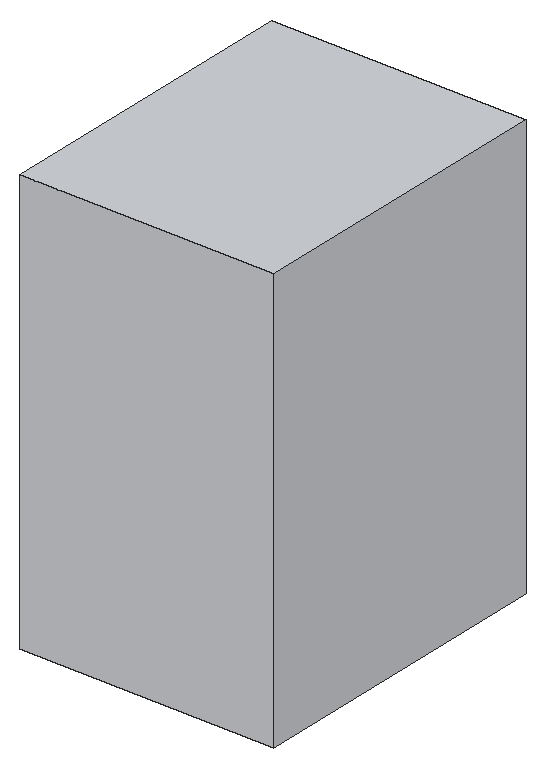
Revit family
Parameters
  Warranty Duration (Years) = 0
  Unit Width [instance] = 0' - 0"
  Unit Height [instance] = 0' - 0"
  Unit Depth = 0' - 0"
  URL = "http://www.americanspecialties.com/viewCategories.cfm"
  Trim Material = Metal - Stainless Steel
  Test Data = ""
  Specification = "http://www.arcat.com/sdspecs/htm/10810asi.htm"
  SpecWizard = ""
  Send Message = "http://www.arcat.com/users.pl?action=UserEmail&company=American%20Specialties,%20Inc.&coid=30448&rep=139&fax=914-476-0688&mf="
  Sales Information = "http://www.americanspecialties.com/contact"
  Revision = "R1_10-2010"
  Product Properties = "http://www.americanspecialties.com/datasheets/9030.pdf"
  Product Data = "http://www.arcat.com/arcatcos/cos30/arc30448.html"
  Paper Roll = Paper
  Model = "As Specified in 10 28 13"
  Manufacturer Website = "http://www.americanspecialties.com/viewCategories.cfm"
  Manufacturer Phone - Toll Free = ""
  Manufacturer Phone = "914-476-9000 "
  Manufacturer Fax = "914-476-0688"
  Manufacturer Address = "441 Saw Mill River Rd., Yonkers, NY 10701"
  Manufacturer = "American Specialties, Inc."
  Maintenance Schedule (Months) = 0
  Keynote = "10 28 13"
  Installation-Fabrication = "http://www.americanspecialties.com/products.cfm"
  Green Building-LEED = ""
  Expected Lifespan (Years) = 0
  Drawn By = "Robert S. Weygant. CSI, CDT, SCIP"  # constant formula
  Description = "Toilet Accessory as Specified in 10 28 13"
  Default Elevation = 4' - 0"
  Copyright = "©Arcat Inc."
  Construction Details = "http://www.arcat.com/green/clients/leed_data_30448.html"
  Building Codes = "http://www.americanspecialties.com/products.cfm"
  Body Material = Metal - Stainless Steel
  Assembly Code = "C1030210"
Reference planes (in)
  plane 1 "Center (Front/Back)": y = -0.29112
  plane 2 "Floor Line": z = 0
  plane 3 "Center (Left/Right)": x = -0.65843
Forms (in)
  Extrusion 1, solid
    sketch origin (-3, -9, -6) x (0, 0, -1) y (1, 0, 0)
      loop
        line (-82, 26) -> (-82, -19.34712) -> (-6, -19.34712) -> (-6, 26) -> (-82, 26)
    from 15.29112 to -41.06337
  Extrusion 2, solid, material "Metal - Stainless Steel" <- "Body Material"
    sketch origin (-10.05294, 1.25001, 0) x (1, 0, 0) y (0, 1, 0)
      loop
        line (6.39451, 4.39637) -> (6.39451, -7.47863) -> (12.39451, -7.47863) -> (12.39451, 4.39637) -> (6.39451, 4.39637)
      loop
        arc (7.76951, -4.85363) -> (7.64451, -4.97863) -> (7.76951, -5.10363) r 0.125
        line (7.76951, -5.10363) -> (8.26951, -5.10363)
        arc (8.26951, -5.10363) -> (8.39451, -4.97863) -> (8.26951, -4.85363) r 0.125
        line (8.26951, -4.85363) -> (7.76951, -4.85363)
      loop
        arc (10.51951, -4.85363) -> (10.39451, -4.97863) -> (10.51951, -5.10363) r 0.125
        line (10.51951, -5.10363) -> (11.01951, -5.10363)
        arc (11.01951, -5.10363) -> (11.14451, -4.97863) -> (11.01951, -4.85363) r 0.125
        line (11.01951, -4.85363) -> (10.51951, -4.85363)
      loop
        arc (7.95701, 1.78312) -> (8.01951, 1.54987) -> (8.08201, 1.78312) r 0.125
        line (8.08201, 1.78312) -> (8.08201, 2.02137)
        arc (8.08201, 2.02137) -> (8.01951, 2.08387) -> (7.95701, 2.02137) r 0.0625
        line (7.95701, 2.02137) -> (7.95701, 1.78312)
      loop
        line (10.83201, 1.78312) -> (10.83201, 2.02137)
        arc (10.83201, 2.02137) -> (10.76951, 2.08387) -> (10.70701, 2.02137) r 0.0625
        line (10.70701, 2.02137) -> (10.70701, 1.78312)
        arc (10.70701, 1.78312) -> (10.76951, 1.54987) -> (10.83201, 1.78312) r 0.125
    from 0 to 3.75
  Extrusion 3, solid, material "Metal - Stainless Steel" <- "Body Material"
    sketch origin (0, 1.75159, 1.67709) x (1, 0, 0) y (0, 0, 1)
      loop
        line (-3.65843, 2.07291) -> (2.34157, 2.07291) -> (2.34157, 3.82291)
        arc (2.34157, 3.82291) -> (2.1219, 4.35324) -> (1.59157, 4.57291) r 0.75
        line (1.59157, 4.57291) -> (-2.90843, 4.57291)
        arc (-2.90843, 4.57291) -> (-3.43876, 4.35324) -> (-3.65843, 3.82291) r 0.75
        line (-3.65843, 3.82291) -> (-3.65843, 2.07291)
    from -4.01979 to 3.87499
  Extrusion 4, void
    sketch origin (0, 1.75159, 1.67709) x (1, 0, 0) y (0, 0, 1)
      loop
        line (1.59157, 4.47916) -> (-2.90843, 4.47916)
        arc (-2.90843, 4.47916) -> (-3.37247, 4.28695) -> (-3.56468, 3.82291) r 0.65625
        line (-3.56468, 3.82291) -> (-3.56468, 2.14725) -> (2.24782, 2.14725) -> (2.24782, 3.82291)
        arc (2.24782, 3.82291) -> (2.05561, 4.28695) -> (1.59157, 4.47916) r 0.65625
    from -3.95381 to 3.87499
  Extrusion 5, void
    sketch origin (0, 0.12501, 0) x (1, 0, 0) y (0, 1, 0)
      loop
        line (-3.56468, 5.42762) -> (-3.56468, -6.25988) -> (2.24782, -6.25988) -> (2.24782, 5.42762) -> (-3.56468, 5.42762)
    from 0.09375 to 4
  Extrusion 6, solid, material "Metal - Stainless Steel" <- "Body Material"
    sketch origin (2.24782, 0.12501, 0) x (0, 1, 0) y (0, 0, 1)
      loop
        line (-6.35363, 3.75) -> (-2.24841, 3.75) -> (-2.24841, 4.25) -> (-6.35363, 4.25) -> (-6.35363, 3.75)
    from 0 to 0.09375
  Extrusion 7, solid, material "Metal - Stainless Steel" <- "Body Material"
    sketch origin (-3.56468, 0.12501, 0) x (0, 1, 0) y (0, 0, -1)
      loop
        line (-6.35363, -3.75) -> (-6.35363, -4.25) -> (-2.24841, -4.25) -> (-2.24841, -3.75) -> (-6.35363, -3.75)
    from 0 to 0.09375
  Extrusion 8, solid, material "Metal - Stainless Steel" <- "Trim Material"
    sketch origin (0, 0.87501, 0) x (1, 0, 0) y (0, 1, 0)
      loop
        circle (-0.65843, 3.05401) r 0.5
      loop
        line (-0.72066, 3.45436) -> (-0.72066, 2.63922) -> (-0.59621, 2.63922) -> (-0.59621, 3.45436) -> (-0.72066, 3.45436)
    from 6.37061 to 6.25
  Extrusion 9, solid, material "Paper" <- "Paper Roll"
    sketch origin (-0.65843, 0.08101, 0) x (0, 1, 0) y (0, 0, 1)
      loop
        circle (-3.34087, 2.99963) r 0.25
      loop
        circle (-3.34087, 2.99963) r 2.75
    from -2.8125 to 2.8125
  Extrusion 10, solid, material "Paper" <- "Paper Roll"
    sketch origin (-0.65843, -0.66324, 0) x (0, -1, 0) y (0, 0, -1)
      loop
        circle (-3.34087, -2.99963) r 0.25
      loop
        circle (-3.34087, -2.99963) r 2.75
    from -2.8125 to 2.8125
Cuts and joins
  Extrusion 4, Extrusion 5 cuts Extrusion 3
  Extrusion 5 cuts Extrusion 2
Dimensions and locks (in)
  aligned and locked: Extrusion 1 to level
  aligned and locked: cut or joined group of Extrusion 3, Extrusion 4, Extrusion 5 to Extrusion 6
  aligned and locked: cut or joined group of Extrusion 3, Extrusion 4, Extrusion 5 to Extrusion 8
  aligned and locked: Extrusion 7 to cut or joined group of Extrusion 3, Extrusion 4, Extrusion 5
  aligned and locked: Extrusion 6 to cut or joined group of Extrusion 3, Extrusion 4, Extrusion 5
  aligned and locked: cut or joined group of Extrusion 2, Extrusion 5 to Extrusion 7
  aligned and locked: cut or joined group of Extrusion 2, Extrusion 5 to Extrusion 6
  aligned and locked: Extrusion 3 to Extrusion 4
